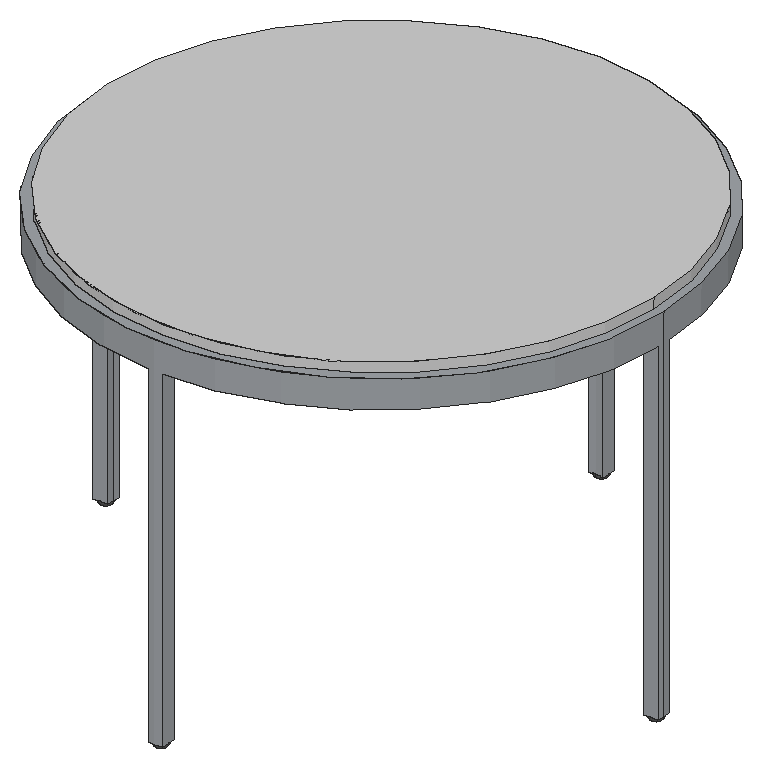
Revit family
Parameters
  URL = "http://www.martinbrattrud.com"
  Table Top [instance] = none
  SCS Certified Product = "Yes"
  Model = "Braemar 784-30CH"
  Manufacturer = "Martin Brattrud, Inc."
  Leg [instance] = none
  Keynote = "125000"
  Foot [instance] = none
  Copyright = "© 2013 Martin Brattrud, Inc."
  Authoring Version = "Revit Architecture 2010"
  Assembly Code = "E2020200"
Reference planes (in)
  plane 1 "Center Front/Back": y = 0
  plane 2: z = 0
  plane 3 "Center Left/Right": x = 0
  plane 4: z = 20
Forms (in)
  Revolve 1, solid, material <- "Foot"
    sketch origin (-14.99282, 0, 48) x (-1, 0, 0) y (0, 0, 1)
      loop
        line (-0.50027, -48) -> (-0.375, -48) -> (-0.375, -47.75) -> (-0.75, -47.75)
        arc (-0.75, -47.75) -> (-0.67687, -47.92668) -> (-0.50027, -48) r 0.25
      axis (-0.375, -48) -> (-0.375, -47.75)
    angle from 0 to 360
  Revolve 2, solid, material <- "Foot"
    sketch origin (14.99282, 0, 48) x (1, 0, 0) y (0, 0, -1)
      loop
        arc (-0.50027, 48) -> (-0.67687, 47.92668) -> (-0.75, 47.75) r 0.25
        line (-0.75, 47.75) -> (-0.375, 47.75) -> (-0.375, 48) -> (-0.50027, 48)
      axis (-0.375, 48) -> (-0.375, 47.75)
    angle from 0 to 360
  Revolve 3, solid, material <- "Foot"
    sketch origin (0, -14.99282, 48) x (0, -1, 0) y (0, 0, 1)
      loop
        line (-0.50027, -48) -> (-0.375, -48) -> (-0.375, -47.75) -> (-0.75, -47.75)
        arc (-0.75, -47.75) -> (-0.67687, -47.92668) -> (-0.50027, -48) r 0.25
      axis (-0.375, -48) -> (-0.375, -47.75)
    angle from 0 to 360
  Revolve 4, solid, material <- "Foot"
    sketch origin (0, 14.99282, 48) x (0, 1, 0) y (0, 0, -1)
      loop
        arc (-0.50027, 48) -> (-0.67687, 47.92668) -> (-0.75, 47.75) r 0.25
        line (-0.75, 47.75) -> (-0.375, 47.75) -> (-0.375, 48) -> (-0.50027, 48)
      axis (-0.375, 48) -> (-0.375, 47.75)
    angle from 0 to 360
  Extrusion 5, solid, material <- "Table Top"
    sketch origin (0, 0, 4) x (1, 0, 0) y (0, 1, 0)
      loop
        circle (0, 0) r 14.5
    from 15.5 to 16
  Extrusion 6, solid, material <- "Leg"
    sketch origin (0, 0, 4) x (1, 0, 0) y (0, 1, 0)
      loop
        circle (0, 0) r 15
      loop
        circle (0, 0) r 14.25
    from -3.75 to 15.5
  Extrusion 7, void
    sketch origin (0, 0, 4) x (1, 0, 0) y (0, 1, 0)
      loop
        line (-15.85134, 0.375) -> (-0.375, 0.375) -> (-0.375, 15.585)
        arc (-0.375, 15.585) -> (-11.492, 11.41799) -> (-15.85134, 0.375) r 14.62031
      loop
        arc (15.85134, 0.375) -> (11.492, 11.41799) -> (0.375, 15.585) r 14.62031
        line (0.375, 15.585) -> (0.375, 0.375) -> (15.85134, 0.375)
      loop
        arc (-15.85134, -0.375) -> (-11.492, -11.41799) -> (-0.375, -15.585) r 14.62031
        line (-0.375, -15.585) -> (-0.375, -0.375) -> (-15.85134, -0.375)
      loop
        line (15.85134, -0.375) -> (0.375, -0.375) -> (0.375, -15.585)
        arc (0.375, -15.585) -> (11.492, -11.41799) -> (15.85134, -0.375) r 14.62031
    from -4 to 14
Cuts and joins
  Extrusion 7 cuts Revolve 1
  Extrusion 7 cuts Revolve 2
  Extrusion 7 cuts Revolve 3
  Extrusion 7 cuts Revolve 4
  Extrusion 7 cuts Extrusion 6
